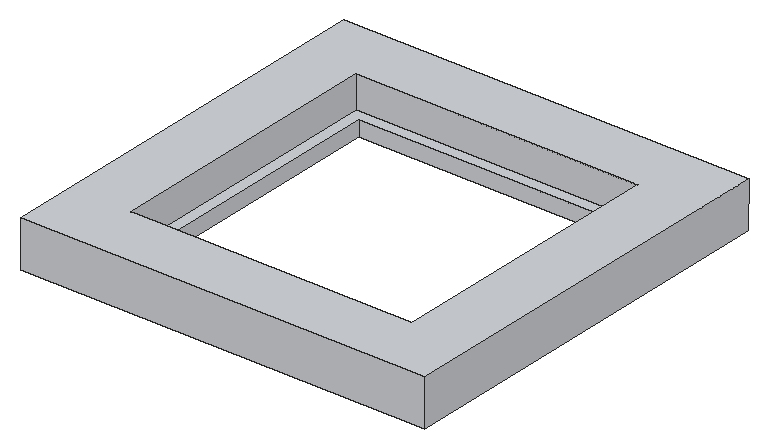
Revit family "Gira_021122", category Electrical Fixtures, host Face, Revit 2017
Family settings
  Host = Face
  Maintain Annotation Orientation = No
  Round Connector Dimension = Use Diameter
  Part Type = Normal
  Cut with Voids When Loaded = No
  Shared = No
  Room Calculation Point = No
Parameters (values of type "Abdeckrahmen 1f Gira E2 Reinweiß m")
  Werkstoffgüte = "Thermoplast"
  Werkstoff = "Kunststoff"
  URL = "http://katalog.gira.de/de_DE/datenblatt.html?artikelnr=021122"
  Transparent = "No"
  Textfeld/Beschriftungsfläche = "No"
  Schutzart (IP) = "IP20"
  Region = "DE"
  RAL-Nummer (ähnlich) = "9010 "
  Oberfläche = "sonstige"
  Name = "Abdeckrahmen 1f Gira E2 Reinweiß m"
  Montagerichtung = "horizontal und vertikal"
  Mit Montagerahmen = "No"
  Mit Klappdeckel = "No"
  Manufacturer URL = "https://www.gira.de/"
  Keynote = "E2_Rahmen_1fach"
  HeinzeBIM = "https://bimportal.heinze.de/bim/abdeckrahmen-1f-gira-e2-reinweiss-m/d1deba371b4ca1dafcfc153078747804f98dff02"
  Halogenfrei = "Yes"
  HAN = "021122"
  Geeignet für Unterputz-Installation = "Yes"
  Geeignet für Unterflurkanaldose = "No"
  Geeignet für Geräteeinbaukanal = "No"
  Geeignet für Einbauinstallation = "No"
  GTIN = "4010337211228"
  Farbe = "weiß"
  Default Elevation = 1219.2 mm
  Data sheet (1) = "https://katalog.gira.de/de_DE/download.html?artikelnr=021122"
  Category = "Abdeckrahmen"
  Befestigungsart = "Klemmbefestigung"
  Available = "Yes"
  Ausführung der Oberfläche = "matt"
  Anzahl der Einheiten vertikal = "1 "
  Anzahl der Einheiten horizontal = "1 "
  Anzahl der Einheiten = "1 "
Reference planes
  plane 1 "Center (Front/Back)": y = 0
  plane 2: z = 0
  plane 3 "Center (Left/Right)": x = 0
Forms (mm)
  Extrusion 1, solid, detail levels fine
    sketch origin (0, 0, 0) x (1, 0, 0) y (0, 1, 0)
      loop
        line (40.4, 40.4) -> (-40.4, 40.4) -> (-40.4, -40.4) -> (40.4, -40.4) -> (40.4, 40.4)
      loop
        line (-28.152, 28.1) -> (-28.152, -28.152) -> (28.1, -28.152) -> (28.1, 28.1) -> (-28.152, 28.1)
    from 0 to 9.3
  Extrusion 2, solid, detail levels fine
    sketch origin (0, 0, 0) x (1, 0, 0) y (0, 1, 0)
      loop
        line (-28.152, -28.152) -> (28.1, -28.152) -> (28.1, 28.1) -> (-28.152, 28.1) -> (-28.152, -28.152)
      loop
        line (25.7, -25.7) -> (25.7, 25.7) -> (-25.7, 25.7) -> (-25.7, -25.7) -> (25.7, -25.7)
    from 0 to 3
  Extrusion 3, solid, detail levels coarse+medium
    sketch origin (0, 0, 0) x (1, 0, 0) y (0, 1, 0)
      loop
        line (40.4, 40.4) -> (-40.4, 40.4) -> (-40.4, -40.4) -> (40.4, -40.4) -> (40.4, 40.4)
    from 0 to 9.3
Lines and regions (mm)
  reference lines
    curve 1: line (0, 40.4, 0) -> (0, -40.4, 0)
Dimensions and locks
  aligned and locked: plane 2 to host face
  aligned and locked: level to host face
